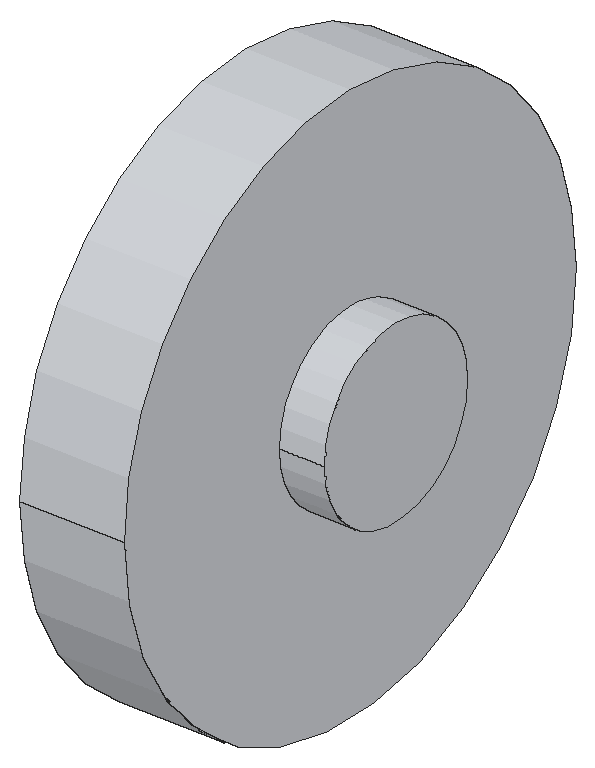
Revit family "59ac858cc6134f62a36e8a4bbcc3f592", category Pipe Fittings, Revit 2021
Family settings
  Round Connector Dimension = Use Radius
  Part Type = Flange
  OmniClass Number = 23.60.30.11.14
  OmniClass Title = Pipework Fittings
  Seek Item ID = Flange - Slip-on - Steel - Class 1500-0000-USA-ENU
  Work Plane-Based = No
  Always vertical = Yes
  Cut with Voids When Loaded = No
  Shared = No
Parameters (values of type "Standard")
  Tick Size [instance] = Flange Outside Diameter * 0.4  # 1.88976"
  Raised Face Thickness [instance] = 1/4"  # constant formula
  Raised Face Radius [instance] = Raised Face Diameter / 2  # 0.68701"
  Raised Face Diameter [instance] = size_lookup(Lookup Table Name, "RFD", 1.11 * Nominal Diameter + 1 47/128", Nominal Diameter)  # 1.37402"
  Nominal Radius [instance] = 1/4"
  Nominal Diameter [instance] = Nominal Radius * 2  # 1/2"
  Loss Method = Not Defined
  Lookup Table Name = "Flange - Slip-on - Steel - Class 1500"
  Length Through Hub [instance] = size_lookup(Lookup Table Name, "LTH", 0.64 * Nominal Diameter + 7/8", Nominal Diameter)  # 1.25984"
  Hub Radius [instance] = Hub Diameter / 2  # 0.74803"
  Hub Diameter [instance] = size_lookup(Lookup Table Name, "HDia", 1.26 * Nominal Diameter + 1 43/128", Nominal Diameter)  # 1.49606"
  Flange Thickness [instance] = size_lookup(Lookup Table Name, "FThk", 0.38 * Nominal Diameter + 177/256", Nominal Diameter)  # 0.87795"
  Flange Outside Radius [instance] = Flange Outside Diameter / 2  # 2.3622"
  Flange Outside Diameter [instance] = size_lookup(Lookup Table Name, "FOD", 1.77 * Nominal Diameter + 4 23/32", Nominal Diameter)  # 4.72441"
  Default Elevation = 0' - 0"
Reference planes (in)
  plane 1 "Center (Front/Back)": y = 0
  plane 2: z = 0
  plane 3 "Center (Left/Right)": x = 0
  plane 4: x = 0.25
  plane 5: x = 1.12795
  plane 6: x = 1.50984
  plane 7: y = 1.88976
  plane 8: y = -1.88976
Forms (in)
  Sweep 1, solid, detail levels fine
    path in 3D
      loop
        line (0, 0, 0) -> (0.25, 0, 0)
    profile origin (0.125, 0, 0) x (0, 1, 0) y (0, 0, 1)
      loop
        circle (0, 0) r 0.68701
  Sweep 2, solid, detail levels fine
    path in 3D
      loop
        line (0.25, 0, 0) -> (1.12795, 0, 0)
    profile origin (0.68898, 0, 0) x (0, 1, 0) y (0, 0, 1)
      loop
        circle (0, 0) r 2.3622
  Sweep 3, solid, detail levels fine
    path in 3D
      loop
        line (1.12795, 0, 0) -> (1.50984, 0, 0)
    profile origin (1.3189, 0, 0) x (0, 1, 0) y (0, 0, 1)
      loop
        circle (0, 0) r 0.74803
Cuts and joins
  joined: Sweep 1, Sweep 2, Sweep 3
Lines and regions (in)
  model lines, detail levels coarse+medium
    curve 1: line (0, 0, 0) -> (0.25, 0, 0)
    curve 2: line (0.25, 0, 0) -> (1.12795, 0, 0)
    curve 3: line (1.12795, 0, 0) -> (1.50984, 0, 0)
    curve 7: line (1.12795, 1.88976, 0) -> (1.12795, -1.88976, 0)
  sketch lines
    curve 4: line (0, 0, 0) -> (0.25, 0, 0)
    curve 5: line (0.25, 0, 0) -> (1.12795, 0, 0)
    curve 6: line (1.12795, 0, 0) -> (1.50984, 0, 0)
Dimensions and locks (in)
  "Raised Face Thickness": plane 3 "Center (Left/Right)" to plane 4
  "Flange Thickness": plane 4 to plane 5
  "Length Through Hub": plane 4 to plane 6
  equal spacing: plane 7, plane 1 "Center (Front/Back)", plane 8
  "Tick Size": plane 7 to plane 1 "Center (Front/Back)"
  "Raised Face Radius": radius of Sweep 1 sketch curve
  "Flange Outside Radius": radius of Sweep 2 sketch curve
  "Hub Radius": radius of Sweep 3 sketch curve
  aligned and locked: plane 3 "Center (Left/Right)" to curve 1
  aligned and locked: plane 4 to curve 1
  aligned and locked: plane 1 "Center (Front/Back)" to curve 1
  aligned and locked: plane 1 "Center (Front/Back)" to curve 2
  aligned and locked: plane 5 to curve 3
  aligned and locked: plane 6 to curve 3
  aligned and locked: plane 1 "Center (Front/Back)" to curve 3
  aligned and locked: plane 7 to curve 7
  aligned and locked: plane 8 to curve 7
  aligned and locked: curve 7 to plane 5
Automatic sketch dimensions
  Sweep 1 sketch curve to profile plane = 0' - 0"  (x2)
  Sweep 2 sketch curve to profile plane = 0' - 0"  (x2)
  Sweep 3 sketch curve to profile plane = 0' - 0"  (x2)
Connectors (in)
  piping at (0, 0, 0), diameter 0.5, driven by "Nominal Radius"
    settings: on cut or joined group of Sweep 1, Sweep 2, Sweep 3, index 1, connector inside diameter 1/2", connector length 0' - 0", flow factor 0, pipe flow 0 GPM, pressure drop 0.00 psi, fitting loss kfactor 0, connector angle 0.00°, fixture units 0, engagement length 0' - 0", angle of deflection 0.00°, flow configuration 0, flow direction 0, fitting loss method 0, system type 28, joint type 0, gender type 0, connector reference index 2, connector utility 0, adjustable connector no, is connector primary yes, connector description ""
  piping at (1.50984, 0, 0), diameter 0.5, driven by "Nominal Radius"
    settings: on cut or joined group of Sweep 1, Sweep 2, Sweep 3, index 2, connector inside diameter 1/2", connector length 0' - 0", flow factor 0, pipe flow 0 GPM, pressure drop 0.00 psi, fitting loss kfactor 0, connector angle 0.00°, fixture units 0, engagement length 0' - 0", angle of deflection 0.00°, flow configuration 0, flow direction 0, fitting loss method 0, system type 28, joint type 0, gender type 0, connector reference index 1, connector utility 0, adjustable connector no, is connector primary no, connector description ""
